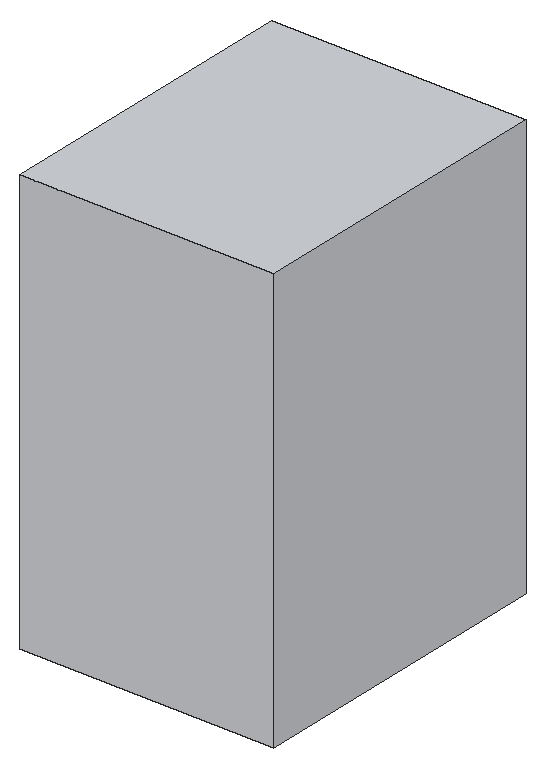
Revit family
Parameters
  Warranty Duration (Years) = 0
  Unit Width [instance] = 0' - 0"
  Unit Height [instance] = 0' - 0"
  Unit Depth = 0' - 1 1/4"
  URL = "http://www.americanspecialties.com/viewCategories.cfm"
  Trim Material = Metal - Stainless Steel
  Test Data = ""
  Specification = "http://www.arcat.com/sdspecs/htm/10810asi.htm"
  SpecWizard = ""
  Send Message = "http://www.arcat.com/users.pl?action=UserEmail&company=American%20Specialties,%20Inc.&coid=30448&rep=139&fax=914-476-0688&mf="
  Sales Information = "http://www.americanspecialties.com/contact"
  Revision = "R1_10-2010"
  Product Properties = "http://www.americanspecialties.com/datasheets/20472.pdf"
  Product Data = "http://www.arcat.com/arcatcos/cos30/arc30448.html"
  Model = "As Specified in 10 28 13"
  Manufacturer Website = "http://www.americanspecialties.com/viewCategories.cfm"
  Manufacturer Phone - Toll Free = ""
  Manufacturer Phone = "914-476-9000 "
  Manufacturer Fax = "914-476-0688"
  Manufacturer Address = "441 Saw Mill River Rd., Yonkers, NY 10701"
  Manufacturer = "American Specialties, Inc."
  Maintenance Schedule (Months) = 0
  Keynote = "10 28 13"
  Installation-Fabrication = "http://www.americanspecialties.com/products.cfm"
  Green Building-LEED = ""
  Expected Lifespan (Years) = 0
  Drawn By = "Robert S. Weygant. CSI, CDT, SCIP"  # constant formula
  Description = "Toilet Accessory as Specified in 10 28 13"
  Default Elevation = 4' - 0"
  Copyright = "©Arcat Inc."
  Construction Details = "http://www.arcat.com/green/clients/leed_data_30448.html"
  Building Codes = "http://www.americanspecialties.com/products.cfm"
  Body Material = Metal - Stainless Steel
  Assembly Code = "C1030210"
Reference planes (in)
  plane 1 "Center (Front/Back)": y = -0.29112
  plane 2 "Floor Line": z = 0
  plane 3 "Center (Left/Right)": x = -0.65843
Forms (in)
  Extrusion 1, solid
    sketch origin (-3, -9, -6) x (0, 0, -1) y (1, 0, 0)
      loop
        line (-82, 26) -> (-82, -19.34712) -> (-6, -19.34712) -> (-6, 26) -> (-82, 26)
    from 15.29112 to -41.06337
  Extrusion 2, solid, material "Metal - Stainless Steel" <- "Body Material"
    sketch origin (0, 0, -3.9375) x (1, 0, 0) y (0, 1, 0)
      loop
        line (-6.15843, 4.27138) -> (-6.15843, -4.85362) -> (4.84157, -4.85362) -> (4.84157, 4.27138) -> (-6.15843, 4.27138)
    from 2.6875 to 3.9375
  Extrusion 3, solid, material "Metal - Stainless Steel" <- "Body Material"
    sketch origin (0, -0.29112, 0) x (1, 0, 0) y (0, 0, 1)
      loop
        line (-6.81468, 0.125) -> (5.49782, 0.125) -> (5.49782, 0.17785)
        arc (5.49782, 0.17785) -> (5.38381, 0.49568) -> (5.09377, 0.66856) r 0.5
        arc (5.09377, 0.66856) -> (-0.64994, 1.24892) -> (-6.40249, 0.76388) r 31.28001
        arc (-6.40249, 0.76388) -> (-6.69803, 0.59266) -> (-6.81468, 0.27165) r 0.5
        line (-6.81468, 0.27165) -> (-6.81468, 0.125)
    from -5.1875 to 5.1875
  Extrusion 4, solid, material "Metal - Stainless Steel" <- "Body Material"
    sketch origin (0, -0.29112, 0) x (1, 0, 0) y (0, 0, 1)
      loop
        arc (-7.06468, 0.0625) -> (-7.04638, 0.01831) -> (-7.00218, 0) r 0.0625
        line (-7.00218, 0) -> (5.68532, 0)
        arc (5.68532, 0) -> (5.72951, 0.01831) -> (5.74782, 0.0625) r 0.0625
        arc (5.74782, 0.0625) -> (5.72951, 0.10669) -> (5.68532, 0.125) r 0.0625
        line (5.68532, 0.125) -> (-7.00218, 0.125)
        arc (-7.00218, 0.125) -> (-7.04638, 0.10669) -> (-7.06468, 0.0625) r 0.0625
    from -5.5 to 5.5
  Extrusion 5, void
    sketch origin (0, 0, 0) x (1, 0, 0) y (0, 1, 0)
      loop
        arc (2.34157, 0.91201) -> (2.69512, 1.05845) -> (2.84157, 1.41201) r 0.5
        line (2.84157, 1.41201) -> (2.84157, 3.41201)
        arc (2.84157, 3.41201) -> (2.69512, 3.76556) -> (2.34157, 3.91201) r 0.5
        line (2.34157, 3.91201) -> (-3.65843, 3.91201)
        arc (-3.65843, 3.91201) -> (-4.01199, 3.76556) -> (-4.15843, 3.41201) r 0.5
        line (-4.15843, 3.41201) -> (-4.15843, 1.41201)
        arc (-4.15843, 1.41201) -> (-4.01199, 1.05845) -> (-3.65843, 0.91201) r 0.5
        line (-3.65843, 0.91201) -> (2.34157, 0.91201)
    from 0.4375 to 1.25
  Extrusion 6, solid, material "Metal - Stainless Steel" <- "Trim Material"
    sketch origin (0.11575, 0, 0.2692) x (0.992546, 0, 0.121869) y (0, 1, 0)
      loop
        circle (-4.90843, -0.29112) r 0.25
      loop
        line (-4.94235, -0.08031) -> (-4.94235, -0.51074) -> (-4.87451, -0.51074) -> (-4.87451, -0.08031) -> (-4.94235, -0.08031)
    from 1.24939 to 1.30396
  Extrusion 7, void
    sketch origin (0, 0, 0) x (1, 0, 0) y (0, 1, 0)
      loop
        circle (-6.48656, 4.5917) r 0.125
      loop
        circle (5.16969, 4.5917) r 0.125
      loop
        circle (-6.48656, -5.17393) r 0.125
      loop
        circle (5.16969, -5.17393) r 0.125
    from 0 to 1.25
  Extrusion 8, solid, material "Metal - Stainless Steel" <- "Body Material", not visible
    sketch origin (0, -0.29112, -3.9375) x (1, 0, 0) y (0, 0, 1)
      loop
        line (-6.81468, -0.125) -> (-6.81468, -0.27165)
        arc (-6.81468, -0.27165) -> (-6.69803, -0.59266) -> (-6.40249, -0.76388) r 0.5
        arc (-6.40249, -0.76388) -> (-0.64994, -1.24892) -> (5.09377, -0.66856) r 31.28001
        arc (5.09377, -0.66856) -> (5.38381, -0.49568) -> (5.49782, -0.17785) r 0.5
        line (5.49782, -0.17785) -> (5.49782, -0.125) -> (-6.81468, -0.125)
    from -5.1875 to 5.1875
  Extrusion 9, solid, material "Metal - Stainless Steel" <- "Trim Material", not visible
    sketch origin (0, -0.29112, -3.9375) x (1, 0, 0) y (0, 0, 1)
      loop
        arc (-7.06468, -0.0625) -> (-7.04638, -0.10669) -> (-7.00218, -0.125) r 0.0625
        line (-7.00218, -0.125) -> (5.68532, -0.125)
        arc (5.68532, -0.125) -> (5.72951, -0.10669) -> (5.74782, -0.0625) r 0.0625
        arc (5.74782, -0.0625) -> (5.72951, -0.01831) -> (5.68532, 0) r 0.0625
        line (5.68532, 0) -> (-7.00218, 0)
        arc (-7.00218, 0) -> (-7.04638, -0.01831) -> (-7.06468, -0.0625) r 0.0625
    from -5.5 to 5.5
  Extrusion 10, void, not visible
    sketch origin (0, 0, -5.6875) x (0, -1, 0) y (1, 0, 0)
      loop
        arc (-0.91201, 2.34157) -> (-1.05845, 2.69512) -> (-1.41201, 2.84157) r 0.5
        line (-1.41201, 2.84157) -> (-3.41201, 2.84157)
        arc (-3.41201, 2.84157) -> (-3.76556, 2.69512) -> (-3.91201, 2.34157) r 0.5
        line (-3.91201, 2.34157) -> (-3.91201, -3.65843)
        arc (-3.91201, -3.65843) -> (-3.76556, -4.01199) -> (-3.41201, -4.15843) r 0.5
        line (-3.41201, -4.15843) -> (-1.41201, -4.15843)
        arc (-1.41201, -4.15843) -> (-1.05845, -4.01199) -> (-0.91201, -3.65843) r 0.5
        line (-0.91201, -3.65843) -> (-0.91201, 2.34157)
    from 0.4375 to 1.25
  Extrusion 11, solid, material "Metal - Stainless Steel" <- "Trim Material", not visible
    sketch origin (0.11575, 0, -4.2067) x (0.992546, 0, -0.121869) y (0, -1, 0)
      loop
        circle (-4.90843, 0.29112) r 0.25
      loop
        line (-4.94235, 0.08031) -> (-4.87451, 0.08031) -> (-4.87451, 0.51074) -> (-4.94235, 0.51074) -> (-4.94235, 0.08031)
    from 1.24939 to 1.30396
  Extrusion 12, void, not visible
    sketch origin (0, 0, -3.9375) x (0, -1, 0) y (1, 0, 0)
      loop
        circle (-4.5917, -6.48656) r 0.125
      loop
        circle (-4.5917, 5.16969) r 0.125
      loop
        circle (5.17393, -6.48656) r 0.125
      loop
        circle (5.17393, 5.16969) r 0.125
    from 0 to -1.80987
  Extrusion 13, solid, material "Metal - Stainless Steel" <- "Body Material", not visible
    sketch origin (0, -0.29112, -2) x (1, 0, 0) y (0, 0, 1)
      loop
        line (-6.81468, -0.125) -> (-6.81468, -0.27165)
        arc (-6.81468, -0.27165) -> (-6.69803, -0.59266) -> (-6.40249, -0.76388) r 0.5
        arc (-6.40249, -0.76388) -> (-0.64994, -1.24892) -> (5.09377, -0.66856) r 31.28001
        arc (5.09377, -0.66856) -> (5.38381, -0.49568) -> (5.49782, -0.17785) r 0.5
        line (5.49782, -0.17785) -> (5.49782, -0.125) -> (-6.81468, -0.125)
    from -5.1875 to 5.1875
  Extrusion 14, solid, material "Metal - Stainless Steel" <- "Trim Material", not visible
    sketch origin (0, -0.29112, -2) x (1, 0, 0) y (0, 0, 1)
      loop
        arc (-7.06468, -0.0625) -> (-7.04638, -0.10669) -> (-7.00218, -0.125) r 0.0625
        line (-7.00218, -0.125) -> (5.68532, -0.125)
        arc (5.68532, -0.125) -> (5.72951, -0.10669) -> (5.74782, -0.0625) r 0.0625
        arc (5.74782, -0.0625) -> (5.72951, -0.01831) -> (5.68532, 0) r 0.0625
        line (5.68532, 0) -> (-7.00218, 0)
        arc (-7.00218, 0) -> (-7.04638, -0.01831) -> (-7.06468, -0.0625) r 0.0625
    from -5.5 to 5.5
  Extrusion 15, void, not visible
    sketch origin (0, 0, -3.75) x (0, -1, 0) y (1, 0, 0)
      loop
        arc (-0.91201, 2.34157) -> (-1.05845, 2.69512) -> (-1.41201, 2.84157) r 0.5
        line (-1.41201, 2.84157) -> (-3.41201, 2.84157)
        arc (-3.41201, 2.84157) -> (-3.76556, 2.69512) -> (-3.91201, 2.34157) r 0.5
        line (-3.91201, 2.34157) -> (-3.91201, -3.65843)
        arc (-3.91201, -3.65843) -> (-3.76556, -4.01199) -> (-3.41201, -4.15843) r 0.5
        line (-3.41201, -4.15843) -> (-1.41201, -4.15843)
        arc (-1.41201, -4.15843) -> (-1.05845, -4.01199) -> (-0.91201, -3.65843) r 0.5
        line (-0.91201, -3.65843) -> (-0.91201, 2.34157)
    from 0.4375 to 1.25
  Extrusion 16, solid, material "Metal - Stainless Steel" <- "Trim Material", not visible
    sketch origin (0.11575, 0, -2.2692) x (0.992546, 0, -0.121869) y (0, -1, 0)
      loop
        circle (-4.90843, 0.29112) r 0.25
      loop
        line (-4.94235, 0.08031) -> (-4.87451, 0.08031) -> (-4.87451, 0.51074) -> (-4.94235, 0.51074) -> (-4.94235, 0.08031)
    from 1.24939 to 1.30396
  Extrusion 17, void, not visible
    sketch origin (0, 0, -2) x (0, -1, 0) y (1, 0, 0)
      loop
        circle (-4.5917, -6.48656) r 0.125
      loop
        circle (-4.5917, 5.16969) r 0.125
      loop
        circle (5.17393, -6.48656) r 0.125
      loop
        circle (5.17393, 5.16969) r 0.125
    from 0 to -1.80987
  Extrusion 18, void
    sketch origin (0, 0, 0) x (1, 0, 0) y (0, 1, 0)
      loop
        line (-6.15843, 4.27138) -> (-6.15843, -4.85362) -> (4.84157, -4.85362) -> (4.84157, 4.27138) -> (-6.15843, 4.27138)
    from 0 to -1.25
Cuts and joins
  Extrusion 5, Extrusion 7 cuts Extrusion 2
  Extrusion 5, Extrusion 7 cuts Extrusion 3
  Extrusion 5, Extrusion 7 cuts Extrusion 4
  Extrusion 7 cuts Extrusion 6
Dimensions and locks (in)
  "Unit Depth": cut or joined group of Extrusion 2, Extrusion 5, Extrusion 7 to cut or joined group of Extrusion 2, Extrusion 5, Extrusion 7
  aligned and locked: Extrusion 1 to level
  aligned and locked: Extrusion 7 to Extrusion 5
  aligned and locked: level to cut or joined group of Extrusion 2, Extrusion 5, Extrusion 7
  aligned and locked: cut or joined group of Extrusion 2, Extrusion 5, Extrusion 7 to cut or joined group of Extrusion 2, Extrusion 5, Extrusion 7
  aligned and locked: cut or joined group of Extrusion 2, Extrusion 5, Extrusion 7 to nested 1
  aligned and locked: Extrusion 18 to cut or joined group of Extrusion 2, Extrusion 5, Extrusion 7
Automatic sketch dimensions
  Extrusion 1 sketch curve to Extrusion 1 sketch curve = 6' - 4"
  Extrusion 1 sketch curve to Extrusion 1 sketch curve = 3' - 9.34712"
  Extrusion 2 sketch curve to plane 3 "Center (Left/Right)" = 0' - 5 1/2"
  plane 3 "Center (Left/Right)" to Extrusion 2 sketch curve = 0' - 5 1/2"
  plane 1 "Center (Front/Back)" to Extrusion 2 sketch curve = 0' - 4 9/16"
  Extrusion 2 sketch curve to plane 1 "Center (Front/Back)" = 0' - 4 9/16"
  level to Extrusion 3 sketch curve = 0' - 0.27165"
  Extrusion 3 sketch curve to plane 3 "Center (Left/Right)" = 0' - 6 5/32"
  Extrusion 3 sketch curve to Extrusion 3 sketch curve = 0' - 0.41219"
  Extrusion 3 sketch curve to Extrusion 3 sketch curve = 0' - 0"  (x2)
  Extrusion 3 sketch curve to Extrusion 3 sketch curve = 0' - 0.08781"
  Extrusion 3 sketch curve to plane 3 "Center (Left/Right)" = 0' - 0.25086"
  level to Extrusion 3 sketch curve = 0' - 0.17785"
  plane 3 "Center (Left/Right)" to Extrusion 3 sketch curve = 0' - 5 21/32"
  level to Extrusion 3 sketch curve = 0' - 0 1/8"
  Extrusion 4 sketch curve to Extrusion 4 sketch curve = 0' - 0"  (x4)
  Extrusion 4 sketch curve to level = 0' - 0"
  level to Extrusion 4 sketch curve = 0' - 0 1/16"
  Extrusion 4 sketch curve to plane 3 "Center (Left/Right)" = 0' - 6 13/32"
  plane 3 "Center (Left/Right)" to Extrusion 4 sketch curve = 0' - 6 11/32"
  Extrusion 5 sketch curve to plane 3 "Center (Left/Right)" = 0' - 3 1/2"
  Extrusion 5 sketch curve to Extrusion 5 sketch curve = 0' - 0 1/2"  (x3)
  plane 3 "Center (Left/Right)" to Extrusion 5 sketch curve = 0' - 3"
  Extrusion 5 sketch curve to Extrusion 5 sketch curve = 0' - 0"
  Extrusion 5 sketch curve to plane 1 "Center (Front/Back)" = 0' - 1 13/64"
  Extrusion 5 sketch curve to Extrusion 5 sketch curve = 0' - 2"
  Extrusion 6 sketch curve to plane 1 "Center (Front/Back)" = 0' - 0"
  Extrusion 6 sketch curve to plane 1 "Center (Front/Back)" = 0' - 0.21081"
  Extrusion 6 sketch curve to Extrusion 6 sketch curve = 0' - 0.03392"
  Extrusion 6 sketch curve to Extrusion 6 sketch curve = 0' - 0.06784"
  plane 1 "Center (Front/Back)" to Extrusion 6 sketch curve = 0' - 0.21962"
  Extrusion 7 sketch curve to plane 3 "Center (Left/Right)" = 0' - 5 53/64"  (x2)
  plane 3 "Center (Left/Right)" to Extrusion 7 sketch curve = 0' - 5 53/64"  (x2)
  plane 1 "Center (Front/Back)" to Extrusion 7 sketch curve = 0' - 4 113/128"  (x2)
  Extrusion 7 sketch curve to plane 1 "Center (Front/Back)" = 0' - 4 113/128"  (x2)
  Extrusion 8 sketch curve to Extrusion 8 sketch curve = 0' - 0.41219"
  Extrusion 8 sketch curve to Extrusion 8 sketch curve = 0' - 0"  (x2)
  Extrusion 8 sketch curve to Extrusion 8 sketch curve = 0' - 0.08781"
  Extrusion 8 sketch curve to Extrusion 8 sketch curve = 0' - 5.90539"
  Extrusion 8 sketch curve to Extrusion 8 sketch curve = 0' - 11 5/16"
  Extrusion 8 sketch curve to Extrusion 8 sketch curve = 0' - 0.09596"
  Extrusion 8 sketch curve to Extrusion 8 sketch curve = 0' - 0.14665"
  Extrusion 9 sketch curve to Extrusion 9 sketch curve = 0' - 0"  (x4)
  Extrusion 9 sketch curve to Extrusion 9 sketch curve = 0' - 0 1/16"
  Extrusion 9 sketch curve to Extrusion 9 sketch curve = 1' - 0 11/16"
  Extrusion 10 sketch curve to Extrusion 10 sketch curve = 0' - 0 1/2"  (x3)
  Extrusion 10 sketch curve to Extrusion 10 sketch curve = 0' - 2"  (x2)
  Extrusion 10 sketch curve to Extrusion 10 sketch curve = 0' - 6"
  Extrusion 11 sketch curve to Extrusion 11 sketch curve = 0' - 0.03392"
  Extrusion 11 sketch curve to Extrusion 11 sketch curve = 0' - 0.06784"
  Extrusion 11 sketch curve to Extrusion 11 sketch curve = 0' - 0.21081"
  Extrusion 11 sketch curve to Extrusion 11 sketch curve = 0' - 0.21962"
  Extrusion 12 sketch curve to Extrusion 12 sketch curve = 0' - 0"  (x3)
  Extrusion 12 sketch curve to Extrusion 12 sketch curve = 0' - 9 49/64"  (x2)
  Extrusion 12 sketch curve to Extrusion 12 sketch curve = 0' - 11 21/32"
  Extrusion 13 sketch curve to Extrusion 13 sketch curve = 0' - 0.41219"
  Extrusion 13 sketch curve to Extrusion 13 sketch curve = 0' - 0"  (x2)
  Extrusion 13 sketch curve to Extrusion 13 sketch curve = 0' - 0.08781"
  Extrusion 13 sketch curve to Extrusion 13 sketch curve = 0' - 5.90539"
  Extrusion 13 sketch curve to Extrusion 13 sketch curve = 0' - 11 5/16"
  Extrusion 13 sketch curve to Extrusion 13 sketch curve = 0' - 0.09596"
  Extrusion 13 sketch curve to Extrusion 13 sketch curve = 0' - 0.14665"
  Extrusion 14 sketch curve to Extrusion 14 sketch curve = 0' - 0 1/16"
  Extrusion 14 sketch curve to Extrusion 14 sketch curve = 1' - 0 11/16"
  Extrusion 15 sketch curve to Extrusion 15 sketch curve = 0' - 0 1/2"  (x3)
  Extrusion 15 sketch curve to Extrusion 15 sketch curve = 0' - 2"  (x2)
  Extrusion 15 sketch curve to Extrusion 15 sketch curve = 0' - 6"
  Extrusion 16 sketch curve to Extrusion 16 sketch curve = 0' - 0.03392"
  Extrusion 16 sketch curve to Extrusion 16 sketch curve = 0' - 0.06784"
  Extrusion 16 sketch curve to Extrusion 16 sketch curve = 0' - 0.21081"
  Extrusion 16 sketch curve to Extrusion 16 sketch curve = 0' - 0.21962"
  Extrusion 17 sketch curve to Extrusion 17 sketch curve = 0' - 0"  (x3)
  Extrusion 17 sketch curve to Extrusion 17 sketch curve = 0' - 9 49/64"  (x2)
  Extrusion 17 sketch curve to Extrusion 17 sketch curve = 0' - 11 21/32"
  Extrusion 14 sketch curve to Extrusion 14 sketch curve = 0' - 0"  (x6)
  Extrusion 18 sketch curve to plane 3 "Center (Left/Right)" = 0' - 5 1/2"
  plane 3 "Center (Left/Right)" to Extrusion 18 sketch curve = 0' - 5 1/2"
  plane 1 "Center (Front/Back)" to Extrusion 18 sketch curve = 0' - 4 9/16"
  Extrusion 18 sketch curve to plane 1 "Center (Front/Back)" = 0' - 4 9/16"
  radius of Extrusion 6 sketch curve = 0' - 0 1/4"
  radius of Extrusion 7 sketch curve = 0' - 0 1/8"  (x4)
  radius of Extrusion 11 sketch curve = 0' - 0 1/4"
  radius of Extrusion 12 sketch curve = 0' - 0 1/8"  (x4)
  radius of Extrusion 16 sketch curve = 0' - 0 1/4"
  radius of Extrusion 17 sketch curve = 0' - 0 1/8"  (x4)
Nested families (in)
  nested 1: "Copy of 20472" at (0, 0, -1.25), type "Copy of 20472"
    with box depth 0' - 4", Unit Width 0' - 0", Unit Height 0' - 0"
Definition of nested family "Copy of 20472"
  Parameters (values of type "Copy of 20472")
    box depth [instance] = 0' - 4"
    Warranty Duration (Years) = 0
    Unit Width [instance] = 0' - 0"
    Unit Height [instance] = 0' - 0"
    Unit Depth = 0' - 1"
    URL = "http://www.americanspecialties.com/viewCategories.cfm"
    Trim Material = Metal - Stainless Steel
    Test Data = ""
    Specification = "http://www.arcat.com/sdspecs/htm/10810asi.htm"
    SpecWizard = ""
    Send Message = "http://www.arcat.com/users.pl?action=UserEmail&company=American%20Specialties,%20Inc.&coid=30448&rep=139&fax=914-476-0688&mf="
    Sales Information = "http://www.americanspecialties.com/contact"
    Revision = "R1_10-2010"
    Product Properties = "http://www.arcat.com/bim/bim_info.pl?fn=AmericanSpecialties"
    Product Data = "http://www.arcat.com/arcatcos/cos30/arc30448.html"
    Model = "As Specified in 10 28 13"
    Manufacturer Website = "http://www.americanspecialties.com/viewCategories.cfm"
    Manufacturer Phone - Toll Free = ""
    Manufacturer Phone = "914-476-9000 "
    Manufacturer Fax = "914-476-0688"
    Manufacturer Address = "441 Saw Mill River Rd., Yonkers, NY 10701"
    Manufacturer = "American Specialties, Inc."
    Maintenance Schedule (Months) = 0
    Keynote = "10 28 13"
    Installation-Fabrication = "http://www.americanspecialties.com/products.cfm"
    Green Building-LEED = ""
    Expected Lifespan (Years) = 0
    Drawn By = "Robert S. Weygant. CSI, CDT, SCIP"  # constant formula
    Description = "Toilet Accessory as Specified in 10 28 13"
    Default Elevation = 4' - 0"
    Copyright = "©Arcat Inc."
    Construction Details = "http://www.arcat.com/green/clients/leed_data_30448.html"
    Building Codes = "http://www.americanspecialties.com/products.cfm"
    Body Material = Metal - Stainless Steel
    Assembly Code = "C1030210"
  Reference planes (in)
    plane 1 "Center (Front/Back)": y = -0.29112
    plane 2 "Floor Line": z = 0
    plane 3 "Center (Left/Right)": x = -0.65843
  Forms (in)
    Extrusion 1, solid
      sketch origin (-3, -9, -6) x (0, 0, -1) y (1, 0, 0)
        loop
          line (-82, 26) -> (-82, -19.34712) -> (-6, -19.34712) -> (-6, 26) -> (-82, 26)
      from 15.29112 to -41.06337
    Extrusion 2, solid, material "Metal - Stainless Steel" <- "Body Material", not visible
      sketch origin (0, -0.29112, -3.9375) x (1, 0, 0) y (0, 0, 1)
        loop
          line (-6.81468, -0.125) -> (-6.81468, -0.27165)
          arc (-6.81468, -0.27165) -> (-6.69803, -0.59266) -> (-6.40249, -0.76388) r 0.5
          arc (-6.40249, -0.76388) -> (-0.64994, -1.24892) -> (5.09377, -0.66856) r 31.28001
          arc (5.09377, -0.66856) -> (5.38381, -0.49568) -> (5.49782, -0.17785) r 0.5
          line (5.49782, -0.17785) -> (5.49782, -0.125) -> (-6.81468, -0.125)
      from -5.1875 to 5.1875
    Extrusion 3, solid, material "Metal - Stainless Steel" <- "Trim Material", not visible
      sketch origin (0, -0.29112, -3.9375) x (1, 0, 0) y (0, 0, 1)
        loop
          arc (-7.06468, -0.0625) -> (-7.04638, -0.10669) -> (-7.00218, -0.125) r 0.0625
          line (-7.00218, -0.125) -> (5.68532, -0.125)
          arc (5.68532, -0.125) -> (5.72951, -0.10669) -> (5.74782, -0.0625) r 0.0625
          arc (5.74782, -0.0625) -> (5.72951, -0.01831) -> (5.68532, 0) r 0.0625
          line (5.68532, 0) -> (-7.00218, 0)
          arc (-7.00218, 0) -> (-7.04638, -0.01831) -> (-7.06468, -0.0625) r 0.0625
      from -5.5 to 5.5
    Extrusion 4, void, not visible
      sketch origin (0, 0, -5.6875) x (0, -1, 0) y (1, 0, 0)
        loop
          arc (-0.91201, 2.34157) -> (-1.05845, 2.69512) -> (-1.41201, 2.84157) r 0.5
          line (-1.41201, 2.84157) -> (-3.41201, 2.84157)
          arc (-3.41201, 2.84157) -> (-3.76556, 2.69512) -> (-3.91201, 2.34157) r 0.5
          line (-3.91201, 2.34157) -> (-3.91201, -3.65843)
          arc (-3.91201, -3.65843) -> (-3.76556, -4.01199) -> (-3.41201, -4.15843) r 0.5
          line (-3.41201, -4.15843) -> (-1.41201, -4.15843)
          arc (-1.41201, -4.15843) -> (-1.05845, -4.01199) -> (-0.91201, -3.65843) r 0.5
          line (-0.91201, -3.65843) -> (-0.91201, 2.34157)
      from 0.4375 to 1.25
    Extrusion 5, solid, material "Metal - Stainless Steel" <- "Trim Material", not visible
      sketch origin (0.11575, 0, -4.2067) x (0.992546, 0, -0.121869) y (0, -1, 0)
        loop
          circle (-4.90843, 0.29112) r 0.25
        loop
          line (-4.94235, 0.08031) -> (-4.87451, 0.08031) -> (-4.87451, 0.51074) -> (-4.94235, 0.51074) -> (-4.94235, 0.08031)
      from 1.24939 to 1.30396
    Extrusion 6, void, not visible
      sketch origin (0, 0, -3.9375) x (0, -1, 0) y (1, 0, 0)
        loop
          circle (-4.5917, -6.48656) r 0.125
        loop
          circle (-4.5917, 5.16969) r 0.125
        loop
          circle (5.17393, -6.48656) r 0.125
        loop
          circle (5.17393, 5.16969) r 0.125
      from 0 to -1.80987
    Extrusion 7, solid, material "Metal - Stainless Steel" <- "Body Material", not visible
      sketch origin (0, -0.29112, -2) x (1, 0, 0) y (0, 0, 1)
        loop
          line (-6.81468, -0.125) -> (-6.81468, -0.27165)
          arc (-6.81468, -0.27165) -> (-6.69803, -0.59266) -> (-6.40249, -0.76388) r 0.5
          arc (-6.40249, -0.76388) -> (-0.64994, -1.24892) -> (5.09377, -0.66856) r 31.28001
          arc (5.09377, -0.66856) -> (5.38381, -0.49568) -> (5.49782, -0.17785) r 0.5
          line (5.49782, -0.17785) -> (5.49782, -0.125) -> (-6.81468, -0.125)
      from -5.1875 to 5.1875
    Extrusion 8, solid, material "Metal - Stainless Steel" <- "Trim Material", not visible
      sketch origin (0, -0.29112, -2) x (1, 0, 0) y (0, 0, 1)
        loop
          arc (-7.06468, -0.0625) -> (-7.04638, -0.10669) -> (-7.00218, -0.125) r 0.0625
          line (-7.00218, -0.125) -> (5.68532, -0.125)
          arc (5.68532, -0.125) -> (5.72951, -0.10669) -> (5.74782, -0.0625) r 0.0625
          arc (5.74782, -0.0625) -> (5.72951, -0.01831) -> (5.68532, 0) r 0.0625
          line (5.68532, 0) -> (-7.00218, 0)
          arc (-7.00218, 0) -> (-7.04638, -0.01831) -> (-7.06468, -0.0625) r 0.0625
      from -5.5 to 5.5
    Extrusion 9, void, not visible
      sketch origin (0, 0, -3.75) x (0, -1, 0) y (1, 0, 0)
        loop
          arc (-0.91201, 2.34157) -> (-1.05845, 2.69512) -> (-1.41201, 2.84157) r 0.5
          line (-1.41201, 2.84157) -> (-3.41201, 2.84157)
          arc (-3.41201, 2.84157) -> (-3.76556, 2.69512) -> (-3.91201, 2.34157) r 0.5
          line (-3.91201, 2.34157) -> (-3.91201, -3.65843)
          arc (-3.91201, -3.65843) -> (-3.76556, -4.01199) -> (-3.41201, -4.15843) r 0.5
          line (-3.41201, -4.15843) -> (-1.41201, -4.15843)
          arc (-1.41201, -4.15843) -> (-1.05845, -4.01199) -> (-0.91201, -3.65843) r 0.5
          line (-0.91201, -3.65843) -> (-0.91201, 2.34157)
      from 0.4375 to 1.25
    Extrusion 10, solid, material "Metal - Stainless Steel" <- "Trim Material", not visible
      sketch origin (0.11575, 0, -2.2692) x (0.992546, 0, -0.121869) y (0, -1, 0)
        loop
          circle (-4.90843, 0.29112) r 0.25
        loop
          line (-4.94235, 0.08031) -> (-4.87451, 0.08031) -> (-4.87451, 0.51074) -> (-4.94235, 0.51074) -> (-4.94235, 0.08031)
      from 1.24939 to 1.30396
    Extrusion 11, void, not visible
      sketch origin (0, 0, -2) x (0, -1, 0) y (1, 0, 0)
        loop
          circle (-4.5917, -6.48656) r 0.125
        loop
          circle (-4.5917, 5.16969) r 0.125
        loop
          circle (5.17393, -6.48656) r 0.125
        loop
          circle (5.17393, 5.16969) r 0.125
      from 0 to -1.80987
    Extrusion 12, solid, material "Metal - Stainless Steel" <- "Body Material"
      sketch origin (0, -0.29112, 0) x (1, 0, 0) y (0, 0, 1)
        loop
          line (-6.81468, -0.125) -> (-6.81468, -0.27165)
          arc (-6.81468, -0.27165) -> (-6.69803, -0.59266) -> (-6.40249, -0.76388) r 0.5
          arc (-6.40249, -0.76388) -> (-0.64994, -1.24892) -> (5.09377, -0.66856) r 31.28001
          arc (5.09377, -0.66856) -> (5.38381, -0.49568) -> (5.49782, -0.17785) r 0.5
          line (5.49782, -0.17785) -> (5.49782, -0.125) -> (-6.81468, -0.125)
      from -5.1875 to 5.1875
    Extrusion 13, solid, material "Metal - Stainless Steel" <- "Body Material"
      sketch origin (0, -0.29112, 0) x (1, 0, 0) y (0, 0, 1)
        loop
          arc (-7.06468, -0.0625) -> (-7.04638, -0.10669) -> (-7.00218, -0.125) r 0.0625
          line (-7.00218, -0.125) -> (5.68532, -0.125)
          arc (5.68532, -0.125) -> (5.72951, -0.10669) -> (5.74782, -0.0625) r 0.0625
          arc (5.74782, -0.0625) -> (5.72951, -0.01831) -> (5.68532, 0) r 0.0625
          line (5.68532, 0) -> (-7.00218, 0)
          arc (-7.00218, 0) -> (-7.04638, -0.01831) -> (-7.06468, -0.0625) r 0.0625
      from -5.5 to 5.5
    Extrusion 14, void
      sketch origin (0, 0, -1.68649) x (0, -1, 0) y (1, 0, 0)
        loop
          arc (-0.91201, 2.34157) -> (-1.05845, 2.69512) -> (-1.41201, 2.84157) r 0.5
          line (-1.41201, 2.84157) -> (-3.41201, 2.84157)
          arc (-3.41201, 2.84157) -> (-3.76556, 2.69512) -> (-3.91201, 2.34157) r 0.5
          line (-3.91201, 2.34157) -> (-3.91201, -3.65843)
          arc (-3.91201, -3.65843) -> (-3.76556, -4.01199) -> (-3.41201, -4.15843) r 0.5
          line (-3.41201, -4.15843) -> (-1.41201, -4.15843)
          arc (-1.41201, -4.15843) -> (-1.05845, -4.01199) -> (-0.91201, -3.65843) r 0.5
          line (-0.91201, -3.65843) -> (-0.91201, 2.34157)
      from 0.20352 to 1.25
    Extrusion 15, solid, material "Metal - Stainless Steel" <- "Trim Material"
      sketch origin (0.11575, 0, -0.2692) x (0.992546, 0, -0.121869) y (0, -1, 0)
        loop
          circle (-4.90843, 0.29112) r 0.25
        loop
          line (-4.94235, 0.08031) -> (-4.87451, 0.08031) -> (-4.87451, 0.51074) -> (-4.94235, 0.51074) -> (-4.94235, 0.08031)
      from 1.24939 to 1.30396
    Extrusion 16, void
      sketch origin (0, 0, 0) x (0, -1, 0) y (1, 0, 0)
        loop
          circle (-4.5917, -6.48656) r 0.125
        loop
          circle (-4.5917, 5.16969) r 0.125
        loop
          circle (5.17393, -6.48656) r 0.125
        loop
          circle (5.17393, 5.16969) r 0.125
      from 0 to -1.375
  Cuts and joins
    Extrusion 16 cuts Extrusion 13
    Extrusion 16 cuts Extrusion 15
    Extrusion 14, Extrusion 16 cuts Extrusion 12
  Dimensions and locks (in)
    aligned and locked: Extrusion 1 to level
